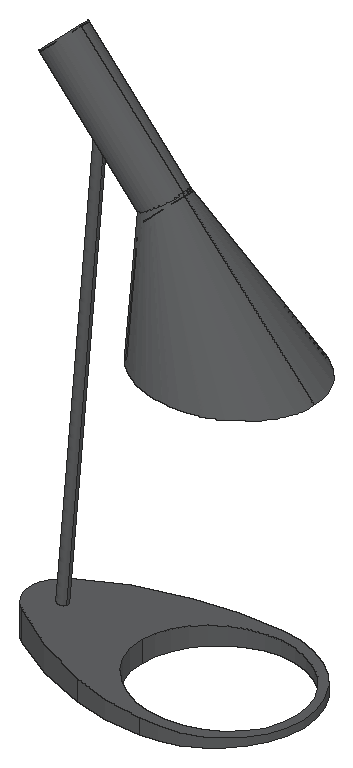
Revit family "AJ Table", category Lighting Fixtures, host Face, Revit 2015
Parameters
  Width = 0 mm
  Weight (Kg) = 0
  Wattage = 96 W
  built-in parameter 1150110 = 1 (stored number, unit not read)
  Voltage (US Only) = 0 V
  Trim and Accessories = ""
  built-in parameter 1114217 = 1 (stored number, unit not read)
  Tilt Angle = -90.00°
  built-in parameter 1150109 = 1 (stored number, unit not read)
  built-in parameter 1150134 = 3
  built-in parameter 1150113 = 1 (stored number, unit not read)
  Reflector Finish = none
  Product Documentation Link = ""
  Product Code = "x"
  Product Category = "Pendant"
  Power Factor (US Only) = 0
  Photometric Web File = "generic"
  Option = ""
  Number of Poles (US Only) = 0
  built-in parameter 1150142 = (empty or 0)
  Manufacturer = "Louis Poulsen Lighting"
  built-in parameter 1150105 = 267.38 (stored number, unit not read)
  Lumens = 3360 lm
  built-in parameter 1150115 = 1 (stored number, unit not read)
  Lighting Technique = ""
  built-in parameter 1150137 = (empty or 0)
  built-in parameter 1150139 = (empty or 0)
  Length = 0 mm
  built-in parameter 1150112 = 1 (stored number, unit not read)
  built-in parameter 1150114 = 1 (stored number, unit not read)
  Lamp = "x"
  Insulation Class (Not US) = ""
  built-in parameter 1150132 = 2
  built-in parameter 1150102 = (empty or 0)
  built-in parameter 1150107 = 3200 (stored number, unit not read)
  built-in parameter 1150138 = (empty or 0)
  built-in parameter 1150106 = 2.6738 (stored number, unit not read)
  IP (Not US) = ""
  IK (Not US - Outdoor only) = ""
  Height = 0 mm
  Efficiency (Lm/W) = ""
  built-in parameter 1150104 = 3.2516 (stored number, unit not read)
  Drawn By = "Louis Poulsen Lighting"
  Dimming Lamp Color Temperature Shift = <None>
  Designer = ""
  Description = "x"
  Default Elevation = 1000 mm
  Cut-off = "N/A"
  Color Filter = 16777215
  CRI = ""
  Build-in height = ""
  Bug Rating (US Outdoor Only) = "N/A"
  Body Finish = Louis Poulsen - BLACK - 314
  built-in parameter 1114218 = 1 (stored number, unit not read)
  built-in parameter 1150133 = 10 (stored number, unit not read)
Reference planes
  plane 1 "Center (Front/Back)": y = 0
  plane 2: z = 0
  plane 3 "Center (Left/Right)": x = 0
Forms (mm)
  Extrusion 1, solid, material "Louis Poulsen - BLACK - 314" <- "Body Finish"
    sketch origin (0, 0, 0) x (1, 0, 0) y (0, 0, 1)
      loop
        line (-149.491, 31.719) -> (-149.491, 0) -> (140, 0) -> (140, 6.392) -> (-149.491, 31.719)
    from -90 to 90
  Extrusion 2, void
    sketch origin (0, 0, 0) x (1, 0, 0) y (0, 1, 0)
      loop
        circle (48.091, 0) r 78
    from -75 to 75
  Extrusion 3, void
    sketch origin (0, 0, 0) x (1, 0, 0) y (0, 1, 0)
      loop
        arc (-127.57, 29.096) -> (-141.199, -1.399) -> (-125.476, -30.868) r 37.987
        arc (-125.476, -30.868) -> (-79.931, -58.69) -> (-30.651, -79.184) r 346.357
        arc (-30.651, -79.184) -> (4.42, -87.334) -> (40.379, -89.173) r 203.37
        arc (40.379, -89.173) -> (133.799, 0.036) -> (40.37, 89.237) r 89.3
        arc (40.37, 89.237) -> (0.158, 84.99) -> (-39.276, 76.043) r 343.106
        arc (-39.276, 76.043) -> (-85.856, 57.146) -> (-127.57, 29.096) r 243.737
      loop
        line (-149.491, 90) -> (-149.491, -90) -> (140, -90) -> (140, 90) -> (-149.491, 90)
    from -75 to 75
  Extrusion 4, void
    sketch origin (133.725, 0, 6.941) x (-0.996195, 0, 0.087156) y (0, -1, 0)
      loop
        circle (243.455, 0.153) r 5
    from 0 to -56.254
  Extrusion 5, solid, material "Louis Poulsen - BLACK - 314" <- "Body Finish"
    sketch origin (133.725, 0, 6.941) x (-0.996195, 0, 0.087156) y (0, -1, 0)
      loop
        circle (243.456, 0.236) r 5
    from -2 to 460
  Revolve 6, solid, material "Louis Poulsen - BLACK - 314" <- "Body Finish"
    sketch origin (0, 0, 0) x (1, 0, 0) y (0, 0, 1)
      loop
        line (143.247, 293.534) -> (11.806, 438.516) -> (10.654, 437.851) -> (141.493, 293.534) -> (143.247, 293.534)
      axis (-7.331, 431.17) -> (58.056, 260.832)
    angle from 0 to 360
  Extrusion 7, void
    sketch origin (0, 0, 0) x (1, 0, 0) y (0, 0, 1)
      loop
        line (-32.596, 301.313) -> (-42.969, 201.039) -> (157.108, 292.523) -> (-32.596, 301.313)
    from -90 to 90
  Revolve 8, solid, material "Louis Poulsen - BLACK - 314" <- "Body Finish"
    sketch origin (0, 0, 0) x (1, 0, 0) y (0, 0, 1)
      loop
        line (-19.575, 406.103) -> (-18.655, 407.024) -> (-123.055, 522.972) -> (-107.3, 537.158) -> (-108.17, 538.124) -> (-124.891, 523.068) -> (-19.575, 406.103)
      axis (-108.17, 538.124) -> (-2.854, 421.159)
    angle from 0 to 360
Cuts and joins
  Extrusion 2, Extrusion 3, Extrusion 4 cuts Extrusion 1
  Extrusion 7 cuts Revolve 6
Dimensions and locks
  imposter light to Extrusion 2 sketch curve = 8.091 mm
  imposter light to plane 3 "Center (Left/Right)" = 40 mm
  imposter light to level = 290 mm
  Revolve 8 sketch curve to Revolve 8 sketch curve = 22.5 mm
  aligned and locked: plane 2 to host face
  aligned and locked: level to host face
  aligned and locked: Extrusion 3 sketch curve to cut or joined group of Extrusion 1, Extrusion 2, Extrusion 3, Extrusion 4  (x4)
  aligned and locked: imposter light to plane 1 "Center (Front/Back)"
  aligned and locked: Revolve 6 sketch curve to Revolve 6 sketch curve
  aligned and locked: Revolve 8 sketch curve to Revolve 8 sketch curve  (x3)
Nested families
  nested 1: "LP-Revit-Annotation" at (0, 0, 0), type "LP-Revit-Annotation"
Definition of nested family "LP-Revit-Annotation"
  Reference planes
    plane 1: y = 0
    plane 2: x = 0
  Lines and regions (mm)
    detail lines
      curve 1: circle (0, 0, 0) r 2.5 normal (0, 0, 1)
      curve 2: line (-1.768, -1.768, 0) -> (1.768, 1.768, 0)
      curve 3: line (-1.768, 1.768, 0) -> (1.768, -1.768, 0)
  Dimensions and locks
    radius of curve 1 = 2.5 mm
